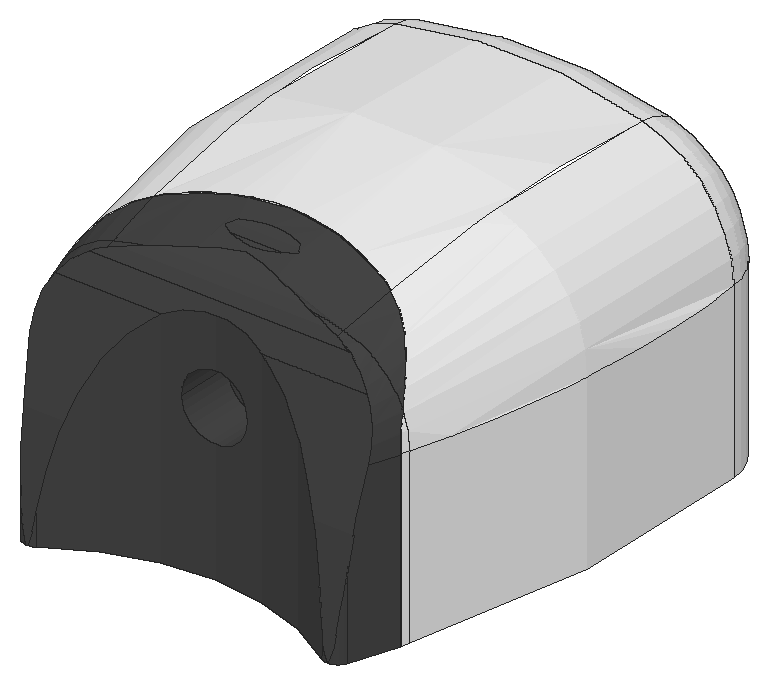
Revit family "xHand_Dryer-Wall_Mounted-Bobrick-QuietDry-B-77X_Series", category Specialty Equipment, host Face, Revit 2014
Parameters (values of type "B-770")
  Width = 10.50"
  Wattage = 1380 W
  Warranty Information = "10-Year Limited Warranty"
  Voltage = if([115V AC, 12 Amp, 50/60 Hz, 1380 Watts, Single Phase, cULus Listed.], 115 V, 230 V)  # 115 V
  URL = "http://bobrick.com/"
  Type Comments = "Specify Voltage."
  Specification = "Surface-mounted hand dryer shall have a one-piece, cast aluminum cover with either white high-gloss epoxy finish electrostatically applied (B-770) or chrome finish (B-778). Motor shall be 75W (1/10hp) universal type on resilient mountings with shielded ball-bearings, equipped with an integral automatic thermal-overload device. Unit is equipped with single outlet for efficient dry time. The unit shall be uniquely designed to have a sound pressure level of 72dB(A) measured at 39\" (1 metre) from source. Heating element shall be located on the inlet side of the fan; shall heat without hot spots; shall be inaccessible to vandals; protected by an integral thermal-overload device. Dryer controller shall automatically energize the dryer when hands are detected in the infrared sensing zone. The dryer will either automatically turn off immediately after hands are removed, or after 1-1/2 minutes of continuous usage. The controller will automatically reset after any obstructions are removed. The unit shall be CE marked, cULus Listed, & VDE approved. Unit shall comply with EU Directive “Restriction of Hazardous Substances” (RoHS) requirements for non-use of certain hazardous substances in the production of electronic products. Unit shall be protected by a limited 10 year warranty on all parts except motor brushes, in turn warranted for 3 years from date of purchase."
  Product Page URL = "http://bobrick.com/washroomaccessories/Pages/ProductDetails.aspx?Product+Number=B-778"
  Product Documentation Link = "http://bobrick.com/Documents/B-770-778_td.pdf"
  Price = "Prices may vary. Please consult Manufacturer Representative for most up-to-date price list."  # constant formula
  Phase = 1
  Model = "B-770"
  Material = "Aluminum-Bobrick-White-Glossy"
  Manufacturer = "Bobrick Washroom Equipment, Inc."
  Installation Type = "Surface Mounted"
  Height = 12.10156"
  Frequency = 60 Hz
  Finish = Aluminum-Bobrick-White-Glossy
  Description = "QuietDry Series, DuraDry Surface-Mounted High Speed Hand Dryer"
  Depth = 7.40"
  Default Elevation = 48.00"
  Creation Date = "04/03/2017"
  Assembly Code = "E1010"
  ADA Compliant = yes
  208-240V AC, 5.5-6.3 Amp, 50/60 Hz, 1380 Watts, Single Phase, cULus Listed and CE marked. = not([115V AC, 12 Amp, 50/60 Hz, 1380 Watts, Single Phase, cULus Listed.])  # no
  115V AC, 12 Amp, 50/60 Hz, 1380 Watts, Single Phase, cULus Listed. = yes
Types (3): name | Model | Material | Finish
  (no name) | "B-770" | "Aluminum-Bobrick-White-Glossy" | Aluminum-Bobrick-White-Glossy
  B-770 | "B-770" | "Aluminum-Bobrick-White-Glossy" | Aluminum-Bobrick-White-Glossy
  B-778 | "B-778" | "Aluminum-Bobrick-Stainless Steel-Chrome" | Aluminum-Bobrick-Stainless Steel-Chrome
Reference planes (in)
  plane 1 "Center (Front/Back)": y = 0
  plane 2: z = 0
  plane 3 "Center (Left/Right)": x = 0
  plane 4: x = 5.25
  plane 5: x = -5.25
  plane 6: y = 12.10156
  plane 7: z = 7.4
  plane 8: y = 1.6
  plane 9: y = 9.7
  plane 10: y = 3.95
  plane 11: x = -0.65625
  plane 12: x = -4.35
  plane 13: x = 4.35
  plane 14: x = -3.15
  plane 15: x = 3.15
Forms (in)
  Extrusion 1, solid, material "Aluminum-Bobrick-White-Glossy" <- "Finish"
    sketch origin (0, 0, 0) x (1, 0, 0) y (0, 1, 0)
      loop
        line (-7.25, 14.10156) -> (-7.25, -2) -> (-4.01868, -2)
        arc (-4.01868, -2) -> (-4.63127, 0.82947) -> (-2.68717, 2.97462) r 3.16667
        arc (-2.68717, 2.97462) -> (-0.06217, 3.452) -> (2.56283, 2.97462) r 7.45587
        arc (2.56283, 2.97462) -> (4.45465, 0.7786) -> (3.62952, -2) r 3.02351
        line (3.62952, -2) -> (7.25, -2) -> (7.25, 14.10156) -> (-7.25, 14.10156)
    from 0 to 7.4
  Extrusion 2, void
    sketch origin (0, 0, 0) x (1, 0, 0) y (0, 1, 0)
      loop
        line (-7.25, 14.10156) -> (-7.25, -2) -> (7.25, -2) -> (7.25, 14.10156) -> (-7.25, 14.10156)
      loop
        arc (-4.3387, 1.55171) -> (-4.12661, 0.87164) -> (-3.89307, 0.19863) r 22.48512
        arc (-3.89307, 0.19863) -> (-3.69471, 0.01043) -> (-3.42496, 0.05521) r 0.30683
        arc (-3.42496, 0.05521) -> (-0.00135, 1.16433) -> (3.42277, 0.05679) r 5.84269
        arc (3.42277, 0.05679) -> (3.69438, 0.01181) -> (3.89406, 0.20134) r 0.30898
        arc (3.89406, 0.20134) -> (4.12706, 0.87301) -> (4.3387, 1.55171) r 22.48512
        arc (4.3387, 1.55171) -> (5.22867, 6.81626) -> (4.85228, 12.14223) r 22.48512
        line (4.85228, 12.14223) -> (-4.85228, 12.14223)
        arc (-4.85228, 12.14223) -> (-5.22867, 6.81626) -> (-4.3387, 1.55171) r 22.48512
    from 0 to 7.4
  Sweep 3, void
    path origin (0, 0, 0) x (1, 0, 0) y (0, 0, 1)
      loop
        line (-7.25, 0) -> (-7.25, 4.11869)
        arc (-7.25, 4.11869) -> (-6.19676, 7.18839) -> (-3.48077, 8.96484) r 5
        arc (-3.48077, 8.96484) -> (0, 9.39994) -> (3.48077, 8.96484) r 14.14062
        arc (3.48077, 8.96484) -> (6.19676, 7.18839) -> (7.25, 4.11869) r 5
        line (7.25, 4.11869) -> (7.25, 0)
    profile origin (-7.25, 0, 2.05934) x (-1, 0, 0) y (0, -1, 0)
      loop
        line (0, 0.1875) -> (-3.50183, 0.1875)
        arc (-3.50183, 0.1875) -> (-3.1888, -0.67607) -> (-2.9113, -1.55171) r 22.48512
        arc (-2.9113, -1.55171) -> (-2.08833, -5.85814) -> (-2.11672, -10.2424) r 22.48512
        arc (-2.11672, -10.2424) -> (-2.39451, -11.0212) -> (-2.99885, -11.58553) r 1.75
        arc (-2.99885, -11.58553) -> (-3.95001, -11.97041) -> (-4.96768, -12.10156) r 4.01386
        line (-4.96768, -12.10156) -> (-4.99893, -12.10156) -> (-4.80183, -13.21408) -> (0, -13.21408) -> (0, 0.1875)
  Extrusion 4, void
    sketch origin (0, 0, 0) x (0, 1, 0) y (0, 0, 1)
      loop
        line (12.10156, 4.93349) -> (12.10156, 0) -> (12.42138, 0) -> (12.42138, 4.93349) -> (12.10156, 4.93349)
    from -2.94373 to 2.86825
  Extrusion 5, void
    sketch origin (0, 0, 0) x (0, 1, 0) y (0, 0, 1)
      loop
        arc (1.03764, 5.34113) -> (1.1469, 5.63878) -> (1.27387, 5.92931) r 5.26575
        arc (1.27387, 5.92931) -> (1.72585, 6.46248) -> (2.38349, 6.69924) r 1.35419
        arc (2.38349, 6.69924) -> (3.01997, 6.91425) -> (3.48406, 7.4) r 1.40612
        line (3.48406, 7.4) -> (-0.32363, 7.4) -> (-0.32363, 0) -> (-0.00178, 0)
        arc (-0.00178, 0) -> (0.34478, 2.70426) -> (1.03764, 5.34113) r 21.06937
    from -5.25 to 5.25
  Extrusion 6, solid, material "Aluminum-Bobrick-Black-Glossy"
    sketch origin (0, -30, 0) x (1, 0, 0) y (0, 1, 0)
      loop
        arc (-3.42496, 30.05521) -> (-0.00135, 31.16433) -> (3.42277, 30.05679) r 5.84269
        arc (3.42277, 30.05679) -> (3.69438, 30.01181) -> (3.89406, 30.20134) r 0.30898
        arc (3.89406, 30.20134) -> (4.09231, 30.76835) -> (4.27535, 31.34046) r 22.48512
        arc (4.27535, 31.34046) -> (3.58566, 32.3321) -> (2.56283, 32.97462) r 3.02351
        arc (2.56283, 32.97462) -> (-0.06217, 33.452) -> (-2.68717, 32.97462) r 7.45587
        arc (-2.68717, 32.97462) -> (-3.63924, 32.40976) -> (-4.3387, 31.55171) r 3.16667
        arc (-4.3387, 31.55171) -> (-4.12661, 30.87164) -> (-3.89307, 30.19863) r 22.48512
        arc (-3.89307, 30.19863) -> (-3.69471, 30.01043) -> (-3.42496, 30.05521) r 0.30683
    from 0 to 7.4
  Extrusion 7, void
    sketch origin (0, 0, 0) x (1, 0, 0) y (0, 1, 0)
      loop
        circle (-3.15, 1.6) r 0.118
      loop
        circle (3.15, 1.6) r 0.118
      loop
        circle (-4.35, 9.7) r 0.118
      loop
        circle (4.35, 9.7) r 0.118
      loop
        circle (-0.65625, 3.95) r 0.4375
    from 0 to 0.25
  Extrusion 8, void
    sketch origin (0, 0, 0) x (1, 0, 0) y (0, 0, 1)
      loop
        circle (0, 3.7) r 0.8
    from -2.50344 to -0.27138
Cuts and joins
  Extrusion 2, Sweep 3, Extrusion 4, Extrusion 5, Extrusion 7 cuts Extrusion 1
  Sweep 3, Extrusion 5, Extrusion 7, Extrusion 8 cuts Extrusion 6
Lines and regions (in)
  Masking region 1
    outline origin (0, 0, 0) x (1, 0, 0) y (0, 0, 1)
      loop
        line (5.25, 0) -> (5.25, 4.11875)
        arc (5.25, 4.11875) -> (4.61806, 5.96057) -> (2.98846, 7.02644) r 3
        arc (2.98846, 7.02644) -> (0, 7.4) -> (-2.98846, 7.02644) r 12.14062
        arc (-2.98846, 7.02644) -> (-4.61806, 5.96057) -> (-5.25, 4.11875) r 3
        line (-5.25, 4.11875) -> (-5.25, 0) -> (5.25, 0)
Dimensions and locks (in)
  "Width": plane 5 to plane 4
  "Height": plane 1 "Center (Front/Back)" to plane 6
  "Depth": host face to plane 7
  aligned and locked: plane 2 to host face
  aligned and locked: level to host face
Automatic sketch dimensions
  host sketch curve to host sketch curve = 96.00"  (x2)
  Extrusion 2 sketch curve to Extrusion 2 sketch curve = 0.00"  (x8)
  Extrusion 2 sketch curve to plane 3 "Center (Left/Right)" = 0.00"
  plane 6 to Extrusion 2 sketch curve = 4.19618"  (x2)
  Extrusion 2 sketch curve to plane 6 = 0.04067"
  plane 5 to Extrusion 2 sketch curve = 0.39772"
  Extrusion 2 sketch curve to plane 1 "Center (Front/Back)" = 0.3038"
  plane 5 to Extrusion 2 sketch curve = 1.64518"
  Extrusion 2 sketch curve to plane 1 "Center (Front/Back)" = 0.30721"
  Extrusion 2 sketch curve to plane 4 = 1.64622"
  Extrusion 2 sketch curve to plane 4 = 0.39772"
  plane 5 to Extrusion 2 sketch curve = 0.9113"
  Extrusion 2 sketch curve to plane 4 = 0.9113"
  Sweep 3 sketch curve to level = 0.00"  (x2)
  Sweep 3 sketch curve to plane 3 "Center (Left/Right)" = 0.00"
  Sweep 3 sketch curve to plane 3 "Center (Left/Right)" = 2.25"
  plane 3 "Center (Left/Right)" to Sweep 3 sketch curve = 2.25"
  Sweep 3 sketch curve to level = 4.74069"
  plane 7 to Sweep 3 sketch curve = 3.28131"  (x2)
  Sweep 3 sketch curve to Sweep 3 sketch curve = 0.00"  (x4)
  Sweep 3 sketch curve to profile plane = 0.00"
  plane 1 "Center (Front/Back)" to Sweep 3 sketch curve = 0.1875"
  profile plane to Sweep 3 sketch curve = 3.50183"
  profile plane to Sweep 3 sketch curve = 3.85724"
  Sweep 3 sketch curve to Sweep 3 sketch curve = 0.9446"
  Sweep 3 sketch curve to Sweep 3 sketch curve = 0.16585"
  Sweep 3 sketch curve to Sweep 3 sketch curve = 0.03125"
  Sweep 3 sketch curve to plane 1 "Center (Front/Back)" = 7.90539"
  Sweep 3 sketch curve to Sweep 3 sketch curve = 19.51237"
  Sweep 3 sketch curve to plane 1 "Center (Front/Back)" = 8.0877"
  Sweep 3 sketch curve to Sweep 3 sketch curve = 1.97281"
  Sweep 3 sketch curve to Sweep 3 sketch curve = 2.04105"
  Sweep 3 sketch curve to Sweep 3 sketch curve = 1.62856"
  Sweep 3 sketch curve to plane 1 "Center (Front/Back)" = 1.55171"
  Extrusion 4 sketch curve to level = 0.00"
  Extrusion 4 sketch curve to plane 6 = 0.00"
  Extrusion 4 sketch curve to plane 6 = 0.31982"
  plane 7 to Extrusion 4 sketch curve = 2.46651"
  Extrusion 5 sketch curve to level = 0.00"
  plane 7 to Extrusion 5 sketch curve = 0.00"
  plane 1 "Center (Front/Back)" to Extrusion 5 sketch curve = 0.32363"
  plane 1 "Center (Front/Back)" to Extrusion 5 sketch curve = 0.00178"
  Extrusion 5 sketch curve to plane 7 = 0.70034"
  Extrusion 5 sketch curve to plane 1 "Center (Front/Back)" = 2.26476"
  Extrusion 5 sketch curve to plane 1 "Center (Front/Back)" = 2.49784"
  Extrusion 5 sketch curve to Extrusion 5 sketch curve = 1.2193"
  Extrusion 5 sketch curve to Extrusion 5 sketch curve = 3.53542"
  Extrusion 5 sketch curve to level = 1.32045"
  level to Extrusion 5 sketch curve = 3.67624"
  Extrusion 5 sketch curve to Extrusion 5 sketch curve = 0.00876"
  Extrusion 5 sketch curve to Extrusion 5 sketch curve = 0.00"  (x2)
  Extrusion 6 sketch curve to plane 3 "Center (Left/Right)" = 0.00"
  plane 5 to Extrusion 6 sketch curve = 1.64518"
  Extrusion 6 sketch curve to Extrusion 6 sketch curve = 4.98215"
  Extrusion 6 sketch curve to Extrusion 6 sketch curve = 0.17986"
  Extrusion 6 sketch curve to Extrusion 6 sketch curve = 0.00"  (x5)
  Extrusion 6 sketch curve to Extrusion 6 sketch curve = 0.28825"
  Extrusion 6 sketch curve to plane 4 = 1.82723"
  plane 5 to Extrusion 6 sketch curve = 0.9113"
  Extrusion 6 sketch curve to plane 3 "Center (Left/Right)" = 1.57228"
  Extrusion 6 sketch curve to Extrusion 6 sketch curve = 0.04451"
  Extrusion 6 sketch curve to Extrusion 6 sketch curve = 1.65153"
  Extrusion 6 sketch curve to Extrusion 6 sketch curve = 0.18101"
  Extrusion 6 sketch curve to Extrusion 6 sketch curve = 0.29028"
  Extrusion 6 sketch curve to plane 4 = 0.97465"
  plane 3 "Center (Left/Right)" to Extrusion 6 sketch curve = 1.49834"
  Extrusion 6 sketch curve to Extrusion 6 sketch curve = 0.0879"
  Extrusion 6 sketch curve to Extrusion 6 sketch curve = 1.71252"
  plane 5 to Extrusion 1 sketch curve = 1.23132"
  Extrusion 1 sketch curve to plane 1 "Center (Front/Back)" = 0.0107"
  Extrusion 1 sketch curve to plane 3 "Center (Left/Right)" = 1.57228"
  Extrusion 1 sketch curve to plane 3 "Center (Left/Right)" = 0.06217"
  Extrusion 1 sketch curve to plane 1 "Center (Front/Back)" = 0.14469"
  plane 3 "Center (Left/Right)" to Extrusion 1 sketch curve = 1.49834"
  Extrusion 1 sketch curve to Extrusion 1 sketch curve = 0.00"  (x2)
  Extrusion 1 sketch curve to plane 6 = 2.00"
  Extrusion 2 sketch curve to plane 6 = 2.00"
  Extrusion 5 sketch curve to plane 6 = 8.92461"
  Extrusion 1 sketch curve to plane 4 = 1.62048"
  plane 1 "Center (Front/Back)" to Extrusion 1 sketch curve = 2.00"
  plane 1 "Center (Front/Back)" to Extrusion 1 sketch curve = 4.00387"
  plane 1 "Center (Front/Back)" to Extrusion 2 sketch curve = 2.00"
  plane 1 "Center (Front/Back)" to Extrusion 2 sketch curve = 4.67835"
  plane 1 "Center (Front/Back)" to Extrusion 6 sketch curve = 4.67835"
  Extrusion 1 sketch curve to plane 5 = 2.00"
  Extrusion 2 sketch curve to plane 5 = 2.00"
  Extrusion 2 sketch curve to Extrusion 2 sketch curve = 9.98006"  (x2)
  Sweep 3 sketch curve to plane 5 = 2.00"
  plane 6 to Extrusion 6 sketch curve = 4.19618"
  plane 4 to Extrusion 1 sketch curve = 2.00"
  plane 4 to Extrusion 2 sketch curve = 2.00"
  plane 4 to Sweep 3 sketch curve = 2.00"
  Extrusion 6 sketch curve to Extrusion 6 sketch curve = 0.06217"
  Masking region 1 sketch curve to level = 0.00"
  Masking region 1 sketch curve to plane 5 = 0.00"
  Masking region 1 sketch curve to plane 3 "Center (Left/Right)" = 0.00"
  Masking region 1 sketch curve to plane 4 = 0.00"
  Masking region 1 sketch curve to plane 3 "Center (Left/Right)" = 2.25"
  plane 3 "Center (Left/Right)" to Masking region 1 sketch curve = 2.25"
  Masking region 1 sketch curve to level = 4.74062"
  plane 7 to Masking region 1 sketch curve = 3.28125"  (x2)
  Masking region 1 sketch curve to Masking region 1 sketch curve = 0.00"
  Extrusion 7 sketch curve to plane 9 = 0.00"  (x2)
  Extrusion 7 sketch curve to plane 12 = 0.00"
  Extrusion 7 sketch curve to plane 8 = 0.00"  (x2)
  Extrusion 7 sketch curve to plane 14 = 0.00"
  Extrusion 7 sketch curve to plane 10 = 0.00"
  Extrusion 7 sketch curve to plane 11 = 0.00"
  Extrusion 7 sketch curve to plane 15 = 0.00"
  Extrusion 7 sketch curve to plane 13 = 0.00"
  Extrusion 8 sketch curve to plane 3 "Center (Left/Right)" = 0.00"
  plane 7 to Extrusion 8 sketch curve = 3.70"
  radius of Extrusion 7 sketch curve = 0.118"  (x4)
  radius of Extrusion 7 sketch curve = 0.4375"
  radius of Extrusion 8 sketch curve = 0.80"
Connectors (in)
  electrical at (-0.65625, 3.95, 0)
    settings: on cut or joined group of Extrusion 1, Extrusion 2, Sweep 3, Extrusion 4, Extrusion 5, Extrusion 7, index 1, voltage 0 V, apparent load 0 VA, apparent load phase1 0 VA, apparent load phase2 0 VA, apparent load phase3 0 VA, power factor 1, load classification "Other", number of poles 1, system type 30, power factor state 1, is connector primary yes, connector utility no, sub classification motor no, connector description "Electrical Supply Connection"
